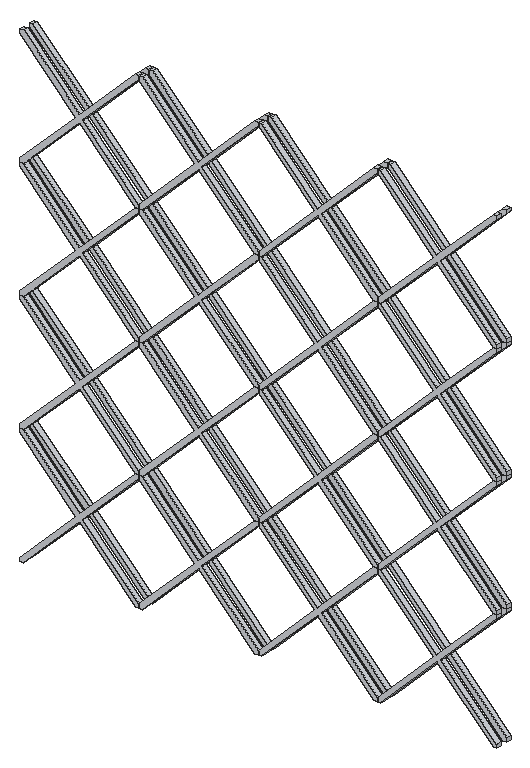
Revit family "f05f43e1568e416d8fa1cc199f8729d0", category Generic Models, Revit 2021
Family settings
  Can host rebar = No
  Round Connector Dimension = Use Diameter
  Part Type = Normal
  Work Plane-Based = No
  Always vertical = Yes
  Cut with Voids When Loaded = No
  Shared = Yes
  Room Calculation Point = No
Parameters
  Width [instance] = 4' - 0"
  Thickness = 0' - 0 1/2"
  Height [instance] = 4' - 0"
  Interior Material [instance] = none
  Exterior Material [instance] = none
  Distance = 0' - 0 3/4"
  Default Elevation = 0' - 0"
Reference planes (in)
  plane 1 "Center (Front/Back)": y = 0
  plane 2: z = 0
  plane 3 "Center (Left/Right)": x = 0
  plane 4: z = 48
  plane 5: x = -24
  plane 6: x = 24
  plane 7: z = 24
  plane 8: x = -12
  plane 9: x = 12
  plane 10: z = 36
  plane 11: z = 12
Dimensions and locks (in)
  "Width": plane 6 to plane 5
  "Height": plane 4 to plane 2
  equal spacing: plane 6, plane 9, plane 3 "Center (Left/Right)", plane 8, plane 5
  equal spacing: plane 4, plane 10, plane 7, plane 11, plane 2
  aligned and locked: plane 2 to level
  aligned and locked: plane 1 "Center (Front/Back)" to nested 1
  aligned and locked: plane 1 "Center (Front/Back)" to nested 2
  aligned and locked: plane 1 "Center (Front/Back)" to nested 3
  aligned and locked: plane 1 "Center (Front/Back)" to nested 4
  aligned and locked: plane 10 to nested 1
  aligned and locked: plane 10 to nested 3
  aligned and locked: plane 10 to nested 2
  aligned and locked: plane 10 to nested 4
  aligned and locked: plane 4 to nested 1
  aligned and locked: plane 4 to nested 3
  aligned and locked: plane 4 to nested 2
  aligned and locked: plane 4 to nested 4
  aligned and locked: plane 6 to nested 4
  aligned and locked: plane 9 to nested 4
  aligned and locked: plane 9 to nested 2
  aligned and locked: plane 3 "Center (Left/Right)" to nested 2
  aligned and locked: plane 3 "Center (Left/Right)" to nested 3
  aligned and locked: plane 8 to nested 3
  aligned and locked: plane 8 to nested 1
  aligned and locked: plane 5 to nested 1
  aligned and locked: plane 5 to nested 5
  aligned and locked: plane 8 to nested 7
  aligned and locked: plane 8 to nested 5
  aligned and locked: plane 3 "Center (Left/Right)" to nested 7
  aligned and locked: plane 3 "Center (Left/Right)" to nested 6
  aligned and locked: plane 9 to nested 8
  aligned and locked: plane 9 to nested 6
  aligned and locked: plane 6 to nested 8
  aligned and locked: plane 6 to nested 12
  aligned and locked: plane 9 to nested 12
  aligned and locked: plane 9 to nested 10
  aligned and locked: plane 3 "Center (Left/Right)" to nested 11
  aligned and locked: plane 3 "Center (Left/Right)" to nested 10
  aligned and locked: plane 8 to nested 11
  aligned and locked: plane 8 to nested 9
  aligned and locked: plane 5 to nested 9
  aligned and locked: plane 10 to nested 5
  aligned and locked: plane 10 to nested 7
  aligned and locked: plane 10 to nested 6
  aligned and locked: plane 10 to nested 8
  aligned and locked: plane 7 to nested 5
  aligned and locked: plane 7 to nested 7
  aligned and locked: plane 7 to nested 6
  aligned and locked: plane 7 to nested 8
  aligned and locked: plane 7 to nested 9
  aligned and locked: plane 7 to nested 11
  aligned and locked: plane 7 to nested 10
  aligned and locked: plane 7 to nested 12
  aligned and locked: plane 11 to nested 9
  aligned and locked: plane 11 to nested 11
  aligned and locked: plane 11 to nested 10
  aligned and locked: plane 11 to nested 12
  aligned and locked: plane 5 to nested 13
  aligned and locked: plane 8 to nested 15
  aligned and locked: plane 8 to nested 13
  aligned and locked: plane 3 "Center (Left/Right)" to nested 15
  aligned and locked: plane 3 "Center (Left/Right)" to nested 14
  aligned and locked: plane 9 to nested 16
  aligned and locked: plane 9 to nested 14
  aligned and locked: plane 6 to nested 16
  aligned and locked: plane 11 to nested 13
  aligned and locked: plane 11 to nested 15
  aligned and locked: plane 11 to nested 14
  aligned and locked: plane 11 to nested 16
  aligned and locked: plane 2 to nested 16
  aligned and locked: plane 2 to nested 14
  aligned and locked: plane 2 to nested 15
  aligned and locked: plane 2 to nested 13
Nested families (in)
  nested 1: "Muntin Pattern_Diamond" at (-18, 0, 36), Exterior Material <- "Exterior Material", Interior Material <- "Interior Material", type "Muntin Pattern_Diamond"
    with W 1' - 0", Interior Material none, H 1' - 0", Exterior Material none
  nested 2: "Muntin Pattern_Diamond" at (6, 0, 36), Exterior Material <- "Exterior Material", Interior Material <- "Interior Material", type "Muntin Pattern_Diamond"
    with W 1' - 0", Interior Material none, H 1' - 0", Exterior Material none
  nested 3: "Muntin Pattern_Diamond" at (-6, 0, 36), Exterior Material <- "Exterior Material", Interior Material <- "Interior Material", type "Muntin Pattern_Diamond"
    with W 1' - 0", Interior Material none, H 1' - 0", Exterior Material none
  nested 4: "Muntin Pattern_Diamond" at (18, 0, 36), Exterior Material <- "Exterior Material", Interior Material <- "Interior Material", type "Muntin Pattern_Diamond"
    with W 1' - 0", Interior Material none, H 1' - 0", Exterior Material none
  nested 5: "Muntin Pattern_Diamond" at (-18, 0, 24), Exterior Material <- "Exterior Material", Interior Material <- "Interior Material", type "Muntin Pattern_Diamond"
    with W 1' - 0", Interior Material none, H 1' - 0", Exterior Material none
  nested 6: "Muntin Pattern_Diamond" at (6, 0, 24), Exterior Material <- "Exterior Material", Interior Material <- "Interior Material", type "Muntin Pattern_Diamond"
    with W 1' - 0", Interior Material none, H 1' - 0", Exterior Material none
  nested 7: "Muntin Pattern_Diamond" at (-6, 0, 24), Exterior Material <- "Exterior Material", Interior Material <- "Interior Material", type "Muntin Pattern_Diamond"
    with W 1' - 0", Interior Material none, H 1' - 0", Exterior Material none
  nested 8: "Muntin Pattern_Diamond" at (18, 0, 24), Exterior Material <- "Exterior Material", Interior Material <- "Interior Material", type "Muntin Pattern_Diamond"
    with W 1' - 0", Interior Material none, H 1' - 0", Exterior Material none
  nested 9: "Muntin Pattern_Diamond" at (-18, 0, 12), Exterior Material <- "Exterior Material", Interior Material <- "Interior Material", type "Muntin Pattern_Diamond"
    with W 1' - 0", Interior Material none, H 1' - 0", Exterior Material none
  nested 10: "Muntin Pattern_Diamond" at (6, 0, 12), Exterior Material <- "Exterior Material", Interior Material <- "Interior Material", type "Muntin Pattern_Diamond"
    with W 1' - 0", Interior Material none, H 1' - 0", Exterior Material none
  nested 11: "Muntin Pattern_Diamond" at (-6, 0, 12), Exterior Material <- "Exterior Material", Interior Material <- "Interior Material", type "Muntin Pattern_Diamond"
    with W 1' - 0", Interior Material none, H 1' - 0", Exterior Material none
  nested 12: "Muntin Pattern_Diamond" at (18, 0, 12), Exterior Material <- "Exterior Material", Interior Material <- "Interior Material", type "Muntin Pattern_Diamond"
    with W 1' - 0", Interior Material none, H 1' - 0", Exterior Material none
  nested 13: "Muntin Pattern_Diamond" at (-18, 0, 0), Exterior Material <- "Exterior Material", Interior Material <- "Interior Material", type "Muntin Pattern_Diamond"
    with W 1' - 0", Interior Material none, H 1' - 0", Exterior Material none
  nested 14: "Muntin Pattern_Diamond" at (6, 0, 0), Exterior Material <- "Exterior Material", Interior Material <- "Interior Material", type "Muntin Pattern_Diamond"
    with W 1' - 0", Interior Material none, H 1' - 0", Exterior Material none
  nested 15: "Muntin Pattern_Diamond" at (-6, 0, 0), Exterior Material <- "Exterior Material", Interior Material <- "Interior Material", type "Muntin Pattern_Diamond"
    with W 1' - 0", Interior Material none, H 1' - 0", Exterior Material none
  nested 16: "Muntin Pattern_Diamond" at (18, 0, 0), Exterior Material <- "Exterior Material", Interior Material <- "Interior Material", type "Muntin Pattern_Diamond"
    with W 1' - 0", Interior Material none, H 1' - 0", Exterior Material none
Definition of nested family "Muntin Pattern_Diamond"
  Parameters (values of type "Muntin Pattern_Diamond")
    W [instance] = 4' - 0"
    Thickness = 0' - 0 1/2"
    H [instance] = 4' - 0"
    Interior Material [instance] = none
    Distance = 0' - 0 3/4"
    Exterior Material [instance] = none
    Default Elevation = 0' - 0"
  Reference planes (in)
    plane 1 "Center (Front/Back)": y = 0
    plane 2: z = 0
    plane 3 "Center (Left/Right)": x = 0
    plane 4: z = 48
    plane 5: x = -24
    plane 6: x = 24
    plane 7: z = 24
    plane 8: y = 0.375
    plane 9: y = -0.375
    plane 10: y = 0.875
    plane 11: y = -0.875
  Forms (in)
    Extrusion 1, solid, material <- "Exterior Material", detail levels fine
      sketch origin (-24, 0, 48) x (0.707107, 0, -0.707107) y (0.707107, 0, 0.707107)
        loop
          line (0, 0.25) -> (0, -0.25) -> (67.88225, -0.25) -> (67.88225, 0.25) -> (0, 0.25)
      from -0.875 to -0.375
    Extrusion 2, solid, material <- "Exterior Material", detail levels fine
      sketch origin (24, 0, 48) x (-0.707107, 0, -0.707107) y (0.707107, 0, -0.707107)
        loop
          line (67.88225, 0.25) -> (0, 0.25) -> (0, -0.25) -> (67.88225, -0.25) -> (67.88225, 0.25)
      from -0.875 to -0.375
    Extrusion 3, void
      sketch origin (0, 0, 0) x (1, 0, 0) y (0, 0, 1)
        loop
          line (-24, 48) -> (-24, 0) -> (24, 0) -> (24, 48) -> (-24, 48)
        loop
          line (-24.5, 48.5) -> (-24.5, -0.5) -> (24.5, -0.5) -> (24.5, 48.5) -> (-24.5, 48.5)
      from -0.875 to 0.875
    Extrusion 4, solid, material <- "Interior Material", detail levels fine
      sketch origin (-24, 0, 48) x (0.707107, 0, -0.707107) y (0.707107, 0, 0.707107)
        loop
          line (0, 0.25) -> (0, -0.25) -> (67.88225, -0.25) -> (67.88225, 0.25) -> (0, 0.25)
      from 0.375 to 0.875
    Extrusion 5, solid, material <- "Interior Material", detail levels fine
      sketch origin (24, 0, 48) x (-0.707107, 0, -0.707107) y (0.707107, 0, -0.707107)
        loop
          line (0, -0.25) -> (67.88225, -0.25) -> (67.88225, 0.25) -> (0, 0.25) -> (0, -0.25)
      from 0.375 to 0.875
  Cuts and joins
    Extrusion 3 cuts Extrusion 1
    Extrusion 3 cuts Extrusion 2
    joined: Extrusion 1, Extrusion 2
    Extrusion 3 cuts Extrusion 4
    Extrusion 3 cuts Extrusion 5
    joined: Extrusion 4, Extrusion 5
  Lines and regions (in)
    reference lines
      curve 1: line (-24, 0, 48) -> (24, 0, 0)
      curve 2: line (24, 0, 48) -> (-24, 0, 0)
      curve 3: line (-24, 0, 48) -> (-17.98959, 0, 54.01041)
      curve 4: line (24, 0, 0) -> (31.6014, 0, 7.6014)
      curve 5: line (-21.20495, 0, 44.8514) -> (16.78122, 0, 6.86522)
      curve 6: line (-20.8514, 0, 45.20495) -> (17.13478, 0, 7.21878)
      curve 7: line (24, 0, 48) -> (18.87348, 0, 53.12652)
      curve 8: line (-24, 0, 0) -> (-28.24264, 0, 4.24264)
      curve 9: line (-23.82322, 0, -0.17678) -> (22.31549, 0, 45.96194)
      curve 10: line (-24.17678, 0, 0.17678) -> (21.96194, 0, 46.31549)
    model lines, detail levels medium
      curve 11: line (24, 0.375, 0) -> (-24, 0.375, 48)
      curve 12: line (24, 0.375, 48) -> (-24, 0.375, 0)
      curve 13: line (24, -0.375, 0) -> (-24, -0.375, 48)
      curve 14: line (24, -0.375, 48) -> (-24, -0.375, 0)
  Dimensions and locks (in)
    equal spacing: plane 6, plane 3 "Center (Left/Right)", plane 5
    "W": plane 6 to plane 5
    "H": plane 4 to plane 2
    equal spacing: plane 4, plane 7, plane 2
    equal spacing: curve 5, curve 1, curve 6
    "Thickness": curve 5 to curve 6
    equal spacing: curve 9, curve 2, curve 10
    "Thickness": curve 9 to curve 10
    "Thickness": Extrusion 3 sketch curve to plane 6
    "Thickness": plane 2 to Extrusion 3 sketch curve
    "Thickness": plane 5 to Extrusion 3 sketch curve
    "Thickness": Extrusion 3 sketch curve to plane 4
    "Distance": plane 8 to plane 9
    equal spacing: plane 8, plane 1 "Center (Front/Back)", plane 9
    "Thickness": plane 10 to plane 8
    "Thickness": plane 9 to plane 11
    locked: curve 1 to curve 3 (angle 90.00°)
    locked: curve 4 to curve 1 (angle 90.00°)
    locked: curve 7 to curve 2 (angle 90.00°)
    locked: curve 2 to curve 8 (angle 90.00°)
    aligned and locked: plane 2 to level
    aligned and locked: plane 4 to curve 1
    aligned and locked: plane 5 to curve 1
    aligned and locked: plane 2 to curve 2
    aligned and locked: plane 5 to curve 2
    aligned and locked: plane 6 to curve 1
    aligned and locked: plane 2 to curve 1
    aligned and locked: plane 6 to curve 2
    aligned and locked: plane 4 to curve 2
    aligned and locked: plane 4 to curve 3
    aligned and locked: plane 5 to curve 3
    aligned and locked: plane 6 to curve 4
    aligned and locked: plane 2 to curve 4
    aligned and locked: Extrusion 1 sketch curve to curve 5
    aligned and locked: Extrusion 1 sketch curve to curve 3
    aligned and locked: Extrusion 1 sketch curve to curve 6
    aligned and locked: curve 6 to Extrusion 1 sketch curve
    aligned and locked: curve 5 to Extrusion 1 sketch curve
    aligned and locked: Extrusion 1 sketch curve to curve 4
    aligned and locked: curve 4 to Extrusion 1 sketch curve
    aligned and locked: plane 5 to curve 8
    aligned and locked: plane 2 to curve 8
    aligned and locked: plane 6 to curve 7
    aligned and locked: plane 4 to curve 7
    aligned and locked: Extrusion 2 sketch curve to curve 10  (x2)
    aligned and locked: Extrusion 2 sketch curve to curve 8  (x2)
    aligned and locked: curve 9 to Extrusion 2 sketch curve  (x2)
    aligned and locked: curve 7 to Extrusion 2 sketch curve
    aligned and locked: plane 5 to Extrusion 3 sketch curve
    aligned and locked: Extrusion 3 sketch curve to plane 4
    aligned and locked: Extrusion 3 sketch curve to plane 6
    aligned and locked: plane 2 to Extrusion 3 sketch curve
    aligned and locked: plane 10 to cut or joined group of Extrusion 1, Extrusion 2, Extrusion 3  (x2)
    aligned and locked: cut or joined group of Extrusion 1, Extrusion 2, Extrusion 3 to plane 8  (x2)
    aligned and locked: plane 10 to Extrusion 3
    aligned and locked: Extrusion 3 to plane 11
    aligned and locked: curve 3 to Extrusion 4 sketch curve
    aligned and locked: Extrusion 4 sketch curve to curve 3
    aligned and locked: Extrusion 4 sketch curve to curve 6
    aligned and locked: Extrusion 4 sketch curve to curve 5
    aligned and locked: Extrusion 4 sketch curve to curve 4
    aligned and locked: curve 6 to Extrusion 4 sketch curve
    aligned and locked: curve 5 to Extrusion 4 sketch curve
    aligned and locked: Extrusion 5 sketch curve to curve 9
    aligned and locked: Extrusion 5 sketch curve to curve 10
    aligned and locked: Extrusion 5 sketch curve to curve 7  (x2)
    aligned and locked: Extrusion 5 sketch curve to curve 8  (x2)
    aligned and locked: curve 9 to Extrusion 5 sketch curve
    aligned and locked: curve 10 to Extrusion 5 sketch curve
    aligned and locked: Extrusion 4 to plane 11
    aligned and locked: Extrusion 5 to plane 11
    aligned and locked: plane 9 to Extrusion 4
    aligned and locked: plane 9 to Extrusion 5
    aligned and locked: plane 2 to curve 11
    aligned and locked: plane 6 to curve 11
    aligned and locked: plane 5 to curve 11
    aligned and locked: plane 4 to curve 11
    aligned and locked: plane 5 to curve 12
    aligned and locked: plane 2 to curve 12
    aligned and locked: plane 4 to curve 12
    aligned and locked: plane 6 to curve 12
    aligned and locked: plane 2 to curve 13
    aligned and locked: plane 6 to curve 13
    aligned and locked: plane 4 to curve 14
    aligned and locked: plane 6 to curve 14
    aligned and locked: plane 4 to curve 13
    aligned and locked: plane 5 to curve 13
    aligned and locked: plane 2 to curve 14
    aligned and locked: plane 5 to curve 14
  Automatic sketch dimensions
    curve 1 to curve 6 = 0' - 4.20279"
    curve 1 to curve 5 = 0' - 4.20279"
    curve 5 to curve 1 = 0' - 9.95889"
    curve 6 to curve 5 = 0' - 0"
    curve 2 to curve 9 = 0' - 0"
    curve 2 to curve 9 = 0' - 2.63225"
    curve 2 to curve 10 = 0' - 2.63225"
